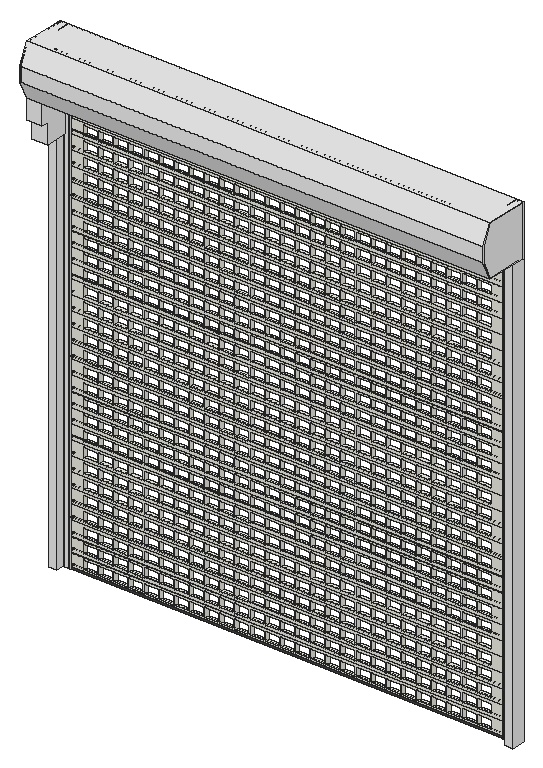
Revit family "2014-ES_Puerta-Enrollable-AEPA", category Puertas, Revit 2014
Parameters (values of type "Puerta Enrollable 3000 x 3000 mm")
  Uniclass 2.0 Descripción = "Roller shutter doorset systems"  # constant formula
  Uniclass 2.0 Código = "25-30-20-74"  # constant formula
  URL Producto = ""
  URL = "http://www.aepa.ws/web/index.php"
  UNSPSC Código = "30172108"  # constant formula
  UNSPSC Categoría = "Rolling garage door"  # constant formula
  Teléfono de Contacto = "91 429 31 02"
  Omniclass Título = "Aluminum Screen Doors"  # constant formula
  Omniclass Código = "23-17 11 13 13 11"  # constant formula
  Numero de Perforaciones por Lama = Media Lama / 105 mm  # 14
  Numero de Lamas = Height / 100 mm  # 30
  Modelo = "Genérico AEPA"  # constant formula
  Media Lama = Width / 2 + 19.1 mm  # 1519.1 mm
  Masterformat Descripción = "Aluminum Screen Doors and Frames"  # constant formula
  Masterformat Código = "08 11 66.23"  # constant formula
  Información Técnica = "http://bimetica.com/es/aepa.html"
  IFC Clasificación = ""
  Grosor del marco = 65.146 mm
  Goma = Gomas- Puerta Generica- AEPA
  Función = Interior
  Proyección marco ext. = 25 mm
  Proyección marco int. = 25 mm
  Fecha de Caducidad de Información = "01/01/2016"  # constant formula
  Fecha Revisión de Contenido = "22/12/2014"  # constant formula
  Fabricante - ROLLTORE PORTIS = "http://www.portis.es/"
  Fabricante - CONTROLSA = "http://www.controlsa.com/"
  Estructura = Aluminio- Puerta Generica- AEPA
  Email de Contacto = "info@aepa.ws"
  Desfase Interior = 0 mm
  Desfase Exterior = 0 mm
  Descripción = "Puerta Enrollable Genérica AEPA"  # constant formula
  Creado por = "Bimetica Parametric Design Services S.L."  # constant formula
  Colección = "Biblioteca BIM AEPA"  # constant formula
  COBie Categoría = ""
  Bimetica = "www.bimetica.com"
  Asociación- AEPA = "http://www.aepa.ws/web/index.php"
  Anchura de marco = 75 mm
  Anchura Real Hueco = if(Desfase Interior = 0 mm, Width + 210.4 mm, Width)  # 3210.4 mm
  Aluminio = Lamas aluminio- Puerta Generica- AEPA
  Altura Real Hueco = if(Desfase Interior = 0 mm, Altura Control + 347.1 mm, Height)  # 3347.1 mm
  Altura Control = Numero de Lamas * 100 mm  # 3000 mm
  Height = 3000 mm
  Cierre de muro = Por anfitrión
  Width = 3000 mm
Reference planes
  plane 1: y = 0
  plane 2 "Centro (Izquierda/Derecha)": x = 0
  plane 3 "Izquierda": x = -1500
  plane 4 "Derecha": x = 1500
  plane 5 "Alto": z = 3000
  plane 6 "Exterior": y = 75
  plane 7 "Interior": y = 75
Forms (mm)
  Extrusion 1, solid, material "Aluminio- Puerta Generica- AEPA" <- "Estructura"
    sketch origin (0, -0.469, 0) x (1, 0, 0) y (0, 1, 0)
      loop
        line (-1605.214, -21.899) -> (-1551.604, -21.899) -> (-1551.604, 75.469) -> (-1605.214, 75.469) -> (-1605.214, -21.899)
      loop
        line (-1555.604, -17.899) -> (-1555.604, 71.469) -> (-1601.214, 71.469) -> (-1601.214, -17.899) -> (-1555.604, -17.899)
    from 0 to 3000
  Extrusion 2, solid, material "Aluminio- Puerta Generica- AEPA" <- "Estructura"
    sketch origin (0, 0, 0) x (1, 0, 0) y (0, 1, 0)
      loop
        line (-1551.604, 27.975) -> (-1500, 27.975) -> (-1500, 34.726) -> (-1506.158, 34.726) -> (-1506.158, 32.311) -> (-1503.061, 32.311) -> (-1503.061, 31.107) -> (-1515.984, 31.107) -> (-1515.984, 32.311) -> (-1513.669, 32.311) -> (-1513.669, 34.726) -> (-1519.068, 34.726) -> (-1519.068, 31.107) -> (-1547.067, 31.107) -> (-1547.067, 71.658) -> (-1519.055, 71.658) -> (-1519.055, 67.971) -> (-1513.321, 67.971) -> (-1513.321, 70.359) -> (-1516.253, 70.359) -> (-1516.253, 72.412) -> (-1502.932, 72.412) -> (-1502.932, 70.359) -> (-1506.158, 70.359) -> (-1506.158, 67.971) -> (-1500, 67.971) -> (-1500, 75) -> (-1551.604, 75) -> (-1551.604, 27.975)
    from 0 to 3000
  Extrusion 3, solid, material "Aluminio- Puerta Generica- AEPA" <- "Estructura"
    sketch origin (0, 0, 0) x (1, 0, 0) y (0, 1, 0)
      loop
        line (1551.602, 27.977) -> (1551.602, 75) -> (1499.998, 75) -> (1499.998, 67.973) -> (1506.156, 67.973) -> (1506.156, 70.361) -> (1502.93, 70.361) -> (1502.93, 72.414) -> (1516.251, 72.414) -> (1516.251, 70.361) -> (1513.319, 70.361) -> (1513.319, 67.973) -> (1519.053, 67.973) -> (1519.053, 71.66) -> (1547.065, 71.66) -> (1547.065, 31.109) -> (1519.066, 31.109) -> (1519.066, 34.728) -> (1513.666, 34.728) -> (1513.666, 32.313) -> (1515.982, 32.313) -> (1515.982, 31.109) -> (1503.059, 31.109) -> (1503.059, 32.313) -> (1506.156, 32.313) -> (1506.156, 34.728) -> (1499.998, 34.728) -> (1499.998, 27.977) -> (1551.602, 27.977)
    from 0 to 3000
  Extrusion 4, solid, material "Aluminio- Puerta Generica- AEPA" <- "Estructura"
    sketch origin (0, 0, 0) x (1, 0, 0) y (0, 1, 0)
      loop
        line (1551.591, -22.368) -> (1605.201, -22.368) -> (1605.201, 75) -> (1551.591, 75) -> (1551.591, -22.368)
      loop
        line (1601.201, -18.368) -> (1601.201, 71) -> (1555.591, 71) -> (1555.591, -18.368) -> (1601.201, -18.368)
    from 0 to 3000
  Extrusion 5, solid, material "Aluminio- Puerta Generica- AEPA" <- "Estructura"
    sketch origin (0, 0, 2500) x (0, -1, 0) y (1, 0, 0)
      loop
        line (-27.632, -1601.214) -> (-27.632, -1597.214) -> (-67, -1597.214) -> (-67, -1555.604) -> (22.368, -1555.604) -> (22.368, -1551.604) -> (-71, -1551.604) -> (-71, -1601.214) -> (-27.632, -1601.214)
    from 500 to 847.068
  Extrusion 6, solid, material "Aluminio- Puerta Generica- AEPA" <- "Estructura"
    sketch origin (0, 0, 3000) x (0, -1, 0) y (1, 0, 0)
      loop
        line (-27.632, 1601.201) -> (-71, 1601.201) -> (-71, 1551.593) -> (22.368, 1551.593) -> (22.368, 1555.593) -> (-67, 1555.593) -> (-67, 1597.201) -> (-27.632, 1597.201) -> (-27.632, 1601.201)
    from 0 to 347.068
  Extrusion 7, solid, material "Aluminio- Puerta Generica- AEPA" <- "Estructura"
    sketch origin (1500, 0, 0) x (0, -1, 0) y (0, 0, 1)
      loop
        line (164.534, 3125.534) -> (176.746, 3140.087) -> (176.746, 3210.98) -> (164.534, 3225.534) -> (-55.466, 3225.534) -> (-55.466, 3125.534) -> (164.534, 3125.534)
      loop
        circle (104.534, 3175.534) r 15
    from -51.602 to -47.065
  Extrusion 8, solid, material "Aluminio- Puerta Generica- AEPA" <- "Estructura"
    sketch origin (-1500, 0, 0) x (0, -1, 0) y (0, 0, 1)
      loop
        line (164.534, 3125.534) -> (176.746, 3140.087) -> (176.746, 3210.98) -> (164.534, 3225.534) -> (-55.466, 3225.534) -> (-55.466, 3125.534) -> (164.534, 3125.534)
      loop
        circle (104.534, 3175.534) r 15
    from 47.067 to 51.604
  Extrusion 9, solid, material "Aluminio- Puerta Generica- AEPA" <- "Estructura"
    sketch origin (-1500, 0, 0) x (0, -1, 0) y (0, 0, 1)
      loop
        circle (104.534, 3175.534) r 13.753
    from -3075.153 to 75.424
  Extrusion 10, solid, material "Aluminio- Puerta Generica- AEPA" <- "Estructura"
    sketch origin (-1500, 0, 0) x (0, -1, 0) y (0, 0, 1)
      loop
        circle (104.534, 3175.534) r 60
    from -3044.336 to 43.806
  Extrusion 11, solid, material "Aluminio- Puerta Generica- AEPA" <- "Estructura", detail levels medium+fine
    sketch origin (-1500, 0, 0) x (0, -1, 0) y (0, 0, 1)
      loop
        circle (104.534, 3175.534) r 13.753
      loop
        circle (104.534, 3175.534) r 47.581
    from 55.604 to 61.63
  Extrusion 12, solid, material "Aluminio- Puerta Generica- AEPA" <- "Estructura", detail levels medium+fine
    sketch origin (1500, 0, 0) x (0, -1, 0) y (0, 0, 1)
      loop
        circle (104.57, 3175.49) r 13.753
      loop
        circle (104.271, 3175.51) r 47.581
    from -61.438 to -55.593
  Extrusion 13, solid, material "Aluminio- Puerta Generica- AEPA" <- "Estructura"
    sketch origin (-1500, 0, 0) x (0, -1, 0) y (0, 0, 1)
      loop
        line (-71, 3347.068) -> (-71, 3000) -> (-27.632, 3000) -> (-27.632, 3004) -> (217.406, 3004) -> (272.1, 3126.387) -> (272.1, 3223.998) -> (217.306, 3347.068) -> (-71, 3347.068)
    from 101.214 to 105.214
  Extrusion 14, solid, material "Aluminio- Puerta Generica- AEPA" <- "Estructura"
    sketch origin (1500, 0, 0) x (0, -1, 0) y (0, 0, 1)
      loop
        line (-71, 3000) -> (-27.357, 3000) -> (-27.357, 3004) -> (217.406, 3004) -> (272.1, 3126.387) -> (272.1, 3224.327) -> (217.248, 3347.068) -> (-71, 3347.068) -> (-71, 3000)
    from -105.201 to -101.201
  Extrusion 15, solid, material "Aluminio- Puerta Generica- AEPA" <- "Estructura"
    sketch origin (-1500, 0, 0) x (0, -1, 0) y (0, 0, 1)
      loop
        line (147.495, 3218.906) -> (86.973, 3281.579)
        arc (86.973, 3281.579) -> (80.17, 3276.034) -> (88.512, 3273.308) r 5
        line (88.512, 3273.308) -> (87.805, 3274.016)
        arc (87.805, 3274.016) -> (81.169, 3276.134) -> (86.409, 3280.724) r 4
        line (86.409, 3280.724) -> (146.788, 3218.199) -> (147.495, 3218.906)
    from -3019.053 to 19.1
  Extrusion 16, solid, material "Aluminio- Puerta Generica- AEPA" <- "Estructura"
    sketch origin (1500, 0, 0) x (0, -1, 0) y (0, 0, 1)
      loop
        line (-71, 3347.068) -> (217.248, 3347.068) -> (272.1, 3224.327) -> (272.1, 3126.387) -> (217.406, 3004) -> (-27.357, 3004) -> (-27.357, 3000) -> (220, 3000) -> (276.1, 3125.534) -> (276.1, 3225.18) -> (219.842, 3351.068) -> (-75, 3351.068) -> (-75, 3000) -> (-71, 3000) -> (-71, 3347.068)
    from -105.201 to 3105.214
  Extrusion 17, solid, material "Gomas- Puerta Generica- AEPA" <- "Goma", detail levels medium+fine
    sketch origin (1500, 0, 0) x (0, -1, 0) y (0, 0, 1)
      loop
        line (-36.562, 0) -> (-34.728, 0) -> (-34.728, 8.455) -> (-36.562, 8.455) -> (-36.562, 0)
    from -19.1 to 3019.068
  Extrusion 18, solid, material "Gomas- Puerta Generica- AEPA" <- "Goma", detail levels medium+fine
    sketch origin (-1500, 0, 0) x (0, -1, 0) y (0, 0, 1)
      loop
        line (-67.971, 0) -> (-66.562, 0) -> (-66.562, 8.455) -> (-67.971, 8.455) -> (-67.971, 0)
    from -3019.053 to 19.055
  Extrusion 19, solid, material "Aluminio- Puerta Generica- AEPA" <- "Estructura"
    sketch origin (-1500, 0, 0) x (0, -1, 0) y (0, 0, 1)
      loop
        line (22.368, 3000) -> (22.368, 2725) -> (170, 2725) -> (170, 2860) -> (220, 2860) -> (220, 3000) -> (22.368, 3000)
    from 0 to 105.214
  Extrusion 20, solid, material "Lamas aluminio- Puerta Generica- AEPA" <- "Aluminio", detail levels coarse
    sketch origin (-1500, 0, 0) x (0, -1, 0) y (0, 0, 1)
      loop
        line (-67.971, 0) -> (-37.617, 0) -> (-37.617, 3000) -> (-11.254, 3094.696) -> (28.964, 3184.841) -> (98.269, 3254.146) -> (88.009, 3265.403) -> (88.009, 3270.371) -> (89.982, 3275.003) -> (146.878, 3218.106) -> (148.081, 3219.309) -> (84.441, 3282.948) -> (4.202, 3202.709) -> (-40.295, 3102.972) -> (-67.971, 3000) -> (-67.971, 0)
    from -3019.053 to 19.068
Lines and regions (mm)
  Opening 1
    outline origin (-3050, -75, 0) x (1, 0, 0) y (0, 0, 1)
      loop
        line (1444.8, 0) -> (4655.2, 0) -> (4655.2, 3347.1) -> (1444.8, 3347.1) -> (1444.8, 0)
  symbolic lines, style "DoorsHiddenLines"
    curve 1: line (-1605.214, 75, 3000) -> (-1605.214, -276.1, 3000)
    curve 2: line (-1605.214, -276.1, 3000) -> (1605.201, -276.1, 3000)
    curve 3: line (1605.201, -22.368, 3000) -> (1605.201, -276.1, 3000)
  symbolic lines
    curve 4: line (-1519.055, 66.563, 3000) -> (1519.1, 66.563, 3000)
    curve 5: line (-1519.055, 36.562, 3000) -> (-1519.055, 66.563, 3000)
    curve 6: line (1519.1, 36.562, 3000) -> (-1519.055, 36.562, 3000)
    curve 7: line (1519.1, 66.563, 3000) -> (1519.1, 36.562, 3000)
Text (mm)
  text "Exterior" at (-2295.016, 1099.543, 0), in view "Nivel de referencia"
  text "Exterior" at (0, 1615.38, 3698.081), in view "Izquierda"
  text "Exterior" at (0, 1036.032, 3874.932), in view "Derecha"
Dimensions and locks
  equal spacing: plane 3 "Izquierda", plane 2 "Centro (Izquierda/Derecha)", plane 4 "Derecha"
  "Width": plane 3 "Izquierda" to plane 4 "Derecha"
  "Altura Control": plane 5 "Alto" to host wall
  host wall to plane 5 "Alto" = 3000 mm  (x2)
  host wall to plane 6 "Exterior" = 0 mm
  host wall to plane 7 "Interior" = 150 mm
  "Desfase Exterior": plane 6 "Exterior" to host wall
  Extrusion 1 sketch curve to Extrusion 1 sketch curve to Extrusion 1 sketch curve to plane 7 "Interior" = 4 mm locked, 89.368 mm locked, 4 mm locked
  Extrusion 1 sketch curve to Extrusion 1 sketch curve to Extrusion 1 sketch curve to Extrusion 1 sketch curve to plane 3 "Izquierda" = 4 mm locked, 45.61 mm locked, 4 mm locked, 51.604 mm locked
  Extrusion 2 sketch curve to Extrusion 2 sketch curve to plane 3 "Izquierda" = 4.537 mm locked, 47.067 mm locked
  Extrusion 2 sketch curve to Extrusion 2 sketch curve to Extrusion 2 sketch curve to Extrusion 2 sketch curve to Extrusion 2 sketch curve to plane 3 "Izquierda" = 2.802 mm locked, 2.932 mm locked, 7.163 mm locked, 3.226 mm locked, 2.932 mm locked
  Extrusion 2 sketch curve to Extrusion 2 sketch curve to Extrusion 2 sketch curve to Extrusion 2 sketch curve to Extrusion 2 sketch curve to plane 3 "Izquierda" = 3.084 mm locked, 2.315 mm locked, 7.511 mm locked, 3.097 mm locked, 3.061 mm locked
  "Desfase Interior": plane 7 "Interior" to plane 6 "Exterior"
  plane 4 "Derecha" to Extrusion 3 sketch curve to Extrusion 3 sketch curve to Extrusion 3 sketch curve to Extrusion 3 sketch curve to Extrusion 3 sketch curve to Extrusion 3 sketch curve to Extrusion 3 sketch curve = 3.059 mm locked, 3.097 mm locked, 7.511 mm locked, 2.315 mm locked, 3.084 mm locked, 27.999 mm locked, 4.537 mm locked
  plane 4 "Derecha" to Extrusion 3 sketch curve to Extrusion 3 sketch curve to Extrusion 3 sketch curve to Extrusion 3 sketch curve to Extrusion 3 sketch curve = 2.93 mm locked, 3.226 mm locked, 7.163 mm locked, 2.932 mm locked, 2.802 mm locked
  Extrusion 4 sketch curve to Extrusion 4 sketch curve to Extrusion 4 sketch curve to plane 7 "Interior" = 4 mm locked, 89.368 mm locked, 4 mm locked
  plane 4 "Derecha" to Extrusion 4 sketch curve to Extrusion 4 sketch curve to Extrusion 4 sketch curve to Extrusion 4 sketch curve = 51.591 mm locked, 4 mm locked, 45.61 mm locked, 4 mm locked
  Extrusion 1 to Extrusion 1 to plane 7 "Interior" = 93.368 mm locked, 4 mm locked
  plane 5 "Alto" to Extrusion 5 = 347.068 mm
  plane 5 "Alto" to Extrusion 6 = 347.068 mm
  Extrusion 7 sketch curve to Extrusion 7 sketch curve to Extrusion 7 sketch curve to Extrusion 7 sketch curve to plane 7 "Interior" = 12.212 mm, 0 mm locked, 220 mm locked, 19.534 mm locked
  locked: Extrusion 7 sketch curve to plane 7 "Interior" at 179.534
  plane 5 "Alto" to Extrusion 7 sketch curve to Extrusion 7 sketch curve to Extrusion 7 sketch curve to Extrusion 7 sketch curve to Extrusion 7 sketch curve = 125.534 mm locked, 14.554 mm locked, 35.446 mm locked, 35.446 mm locked, 14.554 mm locked
  plane 4 "Derecha" to Extrusion 7 to Extrusion 7 = 47.065 mm locked, 4.537 mm locked
  plane 7 "Interior" to Extrusion 8 sketch curve to Extrusion 8 sketch curve to Extrusion 8 sketch curve = 19.534 mm locked, 160 mm locked, 72.212 mm locked
  plane 5 "Alto" to Extrusion 8 sketch curve to Extrusion 8 sketch curve to Extrusion 8 sketch curve = 125.534 mm locked, 50 mm locked, 50 mm locked
  plane 5 "Alto" to Extrusion 8 sketch curve to Extrusion 8 sketch curve = 140.087 mm locked, 70.893 mm locked
  Extrusion 8 to Extrusion 8 to plane 3 "Izquierda" = 4.537 mm locked, 47.067 mm locked
  locked: plane 5 "Alto" to Extrusion 9 sketch curve at 175.534
  locked: plane 7 "Interior" to Extrusion 9 sketch curve at 179.534
  locked: Extrusion 9 to plane 3 "Izquierda" at 75.424
  locked: plane 4 "Derecha" to Extrusion 9 at 75.153
  locked: plane 5 "Alto" to Extrusion 10 sketch curve at 175.534
  locked: plane 7 "Interior" to Extrusion 10 sketch curve at 179.534
  locked: plane 4 "Derecha" to Extrusion 10 at 44.336
  locked: Extrusion 10 to plane 3 "Izquierda" at 43.806
  Extrusion 11 to Extrusion 11 to plane 3 "Izquierda" = 6.026 mm locked, 55.604 mm locked
  locked: plane 5 "Alto" to Extrusion 11 sketch curve at 175.534
  locked: plane 7 "Interior" to Extrusion 11 sketch curve at 179.534
  locked: plane 5 "Alto" to Extrusion 12 sketch curve at 175.49
  locked: Extrusion 12 sketch curve to plane 7 "Interior" at 179.57
  plane 4 "Derecha" to Extrusion 12 to Extrusion 12 = 55.593 mm locked, 5.846 mm locked
  Extrusion 5 sketch curve to Extrusion 5 sketch curve to Extrusion 5 sketch curve to Extrusion 5 sketch curve to plane 3 "Izquierda" = 4 mm locked, 41.61 mm locked, 4 mm locked, 51.604 mm locked
  Extrusion 13 to Extrusion 13 to plane 3 "Izquierda" = 4 mm locked, 101.214 mm locked
  Extrusion 14 sketch curve to Extrusion 14 sketch curve to Extrusion 14 sketch curve to Extrusion 14 sketch curve to plane 7 "Interior" = 0 mm locked, 54.694 mm locked, 0.158 mm locked, 292.248 mm locked
  plane 5 "Alto" to Extrusion 14 sketch curve to Extrusion 14 sketch curve to Extrusion 14 sketch curve = 126.387 mm locked, 97.94 mm locked, 122.74 mm locked
  plane 4 "Derecha" to Extrusion 6 sketch curve to Extrusion 6 sketch curve to Extrusion 6 sketch curve to Extrusion 6 sketch curve = 51.593 mm locked, 4 mm locked, 41.608 mm locked, 4 mm locked
  plane 4 "Derecha" to Extrusion 14 to Extrusion 14 = 101.201 mm locked, 4 mm locked
  plane 5 "Alto" to Extrusion 13 sketch curve to Extrusion 13 sketch curve = 4 mm locked, 343.068 mm locked
  plane 5 "Alto" to Extrusion 13 sketch curve to Extrusion 13 sketch curve = 126.387 mm locked, 97.611 mm locked
  plane 7 "Interior" to Extrusion 6 to Extrusion 13 sketch curve to Extrusion 13 sketch curve to Extrusion 13 sketch curve = 8 mm locked, 284.306 mm locked, 54.794 mm locked, 0 mm locked
  locked: Extrusion 5 to plane 5 "Alto" at 347.068
  locked: plane 5 "Alto" to Extrusion 14 sketch curve at 4  (x2)
  Extrusion 14 sketch curve to plane 7 "Interior" = 4 mm
  locked: plane 5 "Alto" to Extrusion 6 at 347.068
  locked: plane 7 "Interior" to Extrusion 14 sketch curve at 47.643
  locked: plane 5 "Alto" to Extrusion 13 sketch curve at 4
  "Altura Real Hueco": level to Opening 1 sketch curve
  equal spacing: Opening 1 sketch curve, plane 2 "Centro (Izquierda/Derecha)", Opening 1 sketch curve
  "Anchura Real Hueco": Opening 1 sketch curve to Opening 1 sketch curve
  locked: nested 1 to plane 7 "Interior" at 8.437
  equal spacing: group 1, group 2, group 3, group 4, group 5, group 6, group 7, group 8, group 9, group 10, group 11, group 12, group 13, group 14, group 15, group 16, group 17, group 18, group 19, group 20, group 24, group 25, group 26, group 27, group 28, group 29, group 30, group 31, group 32, group 33  (x3)
  locked: plane 7 "Interior" to nested 2 at 8.437
  plane 7 "Interior" to Extrusion 15 sketch curve to Extrusion 15 sketch curve to Extrusion 15 sketch curve to Extrusion 15 sketch curve to Extrusion 15 sketch curve to Extrusion 15 sketch curve to Extrusion 15 sketch curve = 160.085 mm locked, 1.324 mm locked, 0.564 mm locked, 0.832 mm locked, 0.708 mm locked, 58.276 mm locked, 0.707 mm locked
  locked: Extrusion 15 to plane 3 "Izquierda" at 19.1
  locked: plane 4 "Derecha" to Extrusion 15 at 19.053
  locked: nested 21 to plane 7 "Interior" at 38.077
  Extrusion 2 sketch curve to Extrusion 2 sketch curve to Extrusion 2 sketch curve to Extrusion 2 sketch curve to Extrusion 2 sketch curve to Extrusion 2 sketch curve to Extrusion 2 sketch curve to Extrusion 2 sketch curve to Extrusion 2 sketch curve to Extrusion 2 sketch curve to Extrusion 2 sketch curve to Extrusion 2 sketch curve to Extrusion 2 sketch curve to plane 7 "Interior" = 3.131 mm locked, 0 mm locked, 1.204 mm locked, 0 mm locked, 2.415 mm locked, 0 mm locked, 33.246 mm locked, 0 mm locked, 2.388 mm locked, 0 mm locked, 1.299 mm locked, 0.754 mm locked, 2.588 mm locked
  Extrusion 3 sketch curve to Extrusion 3 sketch curve to Extrusion 3 sketch curve to Extrusion 3 sketch curve to Extrusion 3 sketch curve to Extrusion 3 sketch curve to Extrusion 3 sketch curve to Extrusion 3 sketch curve to Extrusion 3 sketch curve to Extrusion 3 sketch curve to Extrusion 3 sketch curve to Extrusion 3 sketch curve to Extrusion 3 sketch curve to plane 7 "Interior" = 3.131 mm locked, 0 mm locked, 1.204 mm locked, 0 mm locked, 2.415 mm locked, 0 mm locked, 33.246 mm locked, 0 mm locked, 2.388 mm locked, 0 mm locked, 1.299 mm locked, 0.754 mm locked, 2.586 mm locked
  Extrusion 5 sketch curve to Extrusion 5 sketch curve to Extrusion 5 sketch curve to Extrusion 5 sketch curve to plane 7 "Interior" = 50 mm locked, 39.368 mm locked, 4 mm locked, 4 mm locked
  locked: plane 7 "Interior" to Extrusion 13 sketch curve at 4
  Extrusion 6 sketch curve to Extrusion 6 sketch curve to Extrusion 6 sketch curve to Extrusion 6 sketch curve to plane 7 "Interior" = 50 mm locked, 39.368 mm locked, 4 mm locked, 4 mm locked
  plane 7 "Interior" to nested 22 to nested 22 to nested 22 to nested 22 to nested 23 to nested 22 to nested 23 = 39.297 mm locked, 7.363 mm locked, 7.951 mm locked, 25.067 mm locked, 12.472 mm locked, 11.93 mm locked, 52.972 mm locked
  locked: plane 7 "Interior" to Extrusion 13 sketch curve at 47.368
  plane 5 "Alto" to nested 22 to nested 22 to nested 22 to nested 22 to nested 23 to nested 23 = 94.429 mm locked, 16.381 mm locked, 74.028 mm locked, 12.223 mm locked, 12.099 mm locked, 66.49 mm locked
  plane 5 "Alto" to nested 21 to nested 21 = 11.446 mm locked, 91.037 mm locked
  Extrusion 16 sketch curve to Extrusion 16 sketch curve to Extrusion 16 sketch curve to Extrusion 16 sketch curve to Extrusion 16 sketch curve to Extrusion 16 sketch curve to Extrusion 16 sketch curve to Extrusion 16 sketch curve to Extrusion 16 sketch curve to Extrusion 16 sketch curve to plane 7 "Interior" = 0 mm locked, 4 mm locked, 0 mm locked, 52.1 mm locked, 0.158 mm locked, 2.436 mm locked, 0.158 mm locked, 244.605 mm locked, 0 mm locked, 47.643 mm locked
  locked: Extrusion 16 sketch curve to plane 7 "Interior" at 4
  locked: Extrusion 16 to plane 3 "Izquierda" at 105.214
  locked: plane 4 "Derecha" to Extrusion 16 at 105.201
  Extrusion 17 sketch curve to Extrusion 17 sketch curve to plane 7 "Interior" = 1.835 mm locked, 38.438 mm locked
  locked: Extrusion 17 sketch curve to level at 8.455
  locked: plane 4 "Derecha" to Extrusion 17 at 19.1
  locked: Extrusion 17 to plane 3 "Izquierda" at 19.068
  locked: Extrusion 18 sketch curve to level at 8.455
  plane 7 "Interior" to Extrusion 18 sketch curve to Extrusion 18 sketch curve = 7.029 mm locked, 1.409 mm locked
  locked: Extrusion 18 to plane 3 "Izquierda" at 19.055
  locked: plane 4 "Derecha" to Extrusion 18 at 19.053
  plane 7 "Interior" to Extrusion 19 sketch curve to Extrusion 19 sketch curve to Extrusion 19 sketch curve = 97.368 mm locked, 147.632 mm locked, 50 mm locked
  Extrusion 19 sketch curve to Extrusion 19 sketch curve to plane 5 "Alto" = 135 mm locked, 140 mm locked
  Extrusion 19 to plane 3 "Izquierda" = 105.214 mm
  plane 5 "Alto" to Extrusion 20 sketch curve to Extrusion 20 sketch curve to Extrusion 20 sketch curve to Extrusion 20 sketch curve to Extrusion 20 sketch curve to Extrusion 20 sketch curve to Extrusion 20 sketch curve to Extrusion 20 sketch curve to Extrusion 20 sketch curve to Extrusion 20 sketch curve to Extrusion 20 sketch curve = 94.696 mm locked, 8.276 mm locked, 81.869 mm locked, 17.868 mm locked, 15.397 mm locked, 1.203 mm locked, 34.837 mm locked, 11.257 mm locked, 4.968 mm locked, 4.632 mm locked, 7.946 mm locked
  plane 7 "Interior" to Extrusion 20 sketch curve to Extrusion 20 sketch curve to Extrusion 20 sketch curve to Extrusion 20 sketch curve to Extrusion 20 sketch curve to Extrusion 20 sketch curve to Extrusion 20 sketch curve to Extrusion 20 sketch curve to Extrusion 20 sketch curve to Extrusion 20 sketch curve to Extrusion 20 sketch curve to Extrusion 20 sketch curve to Extrusion 20 sketch curve = 7.029 mm locked, 27.676 mm locked, 2.678 mm locked, 26.363 mm locked, 15.456 mm locked, 24.762 mm locked, 55.477 mm locked, 3.568 mm locked, 0 mm locked, 1.972 mm locked, 8.287 mm locked, 48.609 mm locked, 1.203 mm locked
  locked: Extrusion 20 to plane 3 "Izquierda" at 19.068
  locked: plane 4 "Derecha" to Extrusion 20 at 19.053
  locked: curve 2 to plane 7 "Interior" at 351.1
  locked: plane 4 "Derecha" to curve 3 at 105.201
  locked: curve 1 to plane 3 "Izquierda" at 105.214
  locked: curve 5 to plane 3 "Izquierda" at 19.055
  locked: plane 4 "Derecha" to curve 7 at 19.1
  aligned and locked: Opening 1 sketch curve to level
  aligned and locked: plane 1 to host wall
  aligned and locked: Extrusion 1 to plane 5 "Alto"
  aligned and locked: Extrusion 2 to plane 5 "Alto"
  aligned and locked: Extrusion 4 to plane 5 "Alto"
  aligned and locked: Extrusion 3 to plane 5 "Alto"
  aligned and locked: plane 5 "Alto" to Extrusion 14 sketch curve
  aligned and locked: plane 5 "Alto" to Extrusion 13 sketch curve
  aligned and locked: plane 2 "Centro (Izquierda/Derecha)" to nested 1
  aligned and locked: Extrusion 1 sketch curve to plane 7 "Interior"
  aligned and locked: Extrusion 4 sketch curve to plane 7 "Interior"
  aligned and locked: Extrusion 3 to plane 7 "Interior"
  aligned and locked: Extrusion 2 to plane 7 "Interior"
  aligned and locked: plane 5 "Alto" to Extrusion 5
  aligned and locked: Extrusion 16 sketch curve to plane 5 "Alto"  (x2)
  aligned and locked: level to Extrusion 17 sketch curve
  aligned and locked: plane 5 "Alto" to Extrusion 19 sketch curve
  aligned and locked: Extrusion 19 to plane 3 "Izquierda"
  aligned and locked: plane 5 "Alto" to Extrusion 20 sketch curve  (x2)
  aligned and locked: level to Extrusion 20 sketch curve
Automatic sketch dimensions
  Extrusion 2 sketch curve to plane 3 "Izquierda" = 0 mm  (x2)
  Extrusion 2 sketch curve to host wall = 0 mm
  Extrusion 2 sketch curve to Extrusion 2 sketch curve = 0 mm
  plane 4 "Derecha" to Extrusion 3 sketch curve = 0.002 mm  (x2)
  Extrusion 3 sketch curve to host wall = 0 mm
  Extrusion 8 sketch curve to Extrusion 8 sketch curve = 12.212 mm  (x2)
  Extrusion 11 sketch curve to Extrusion 11 sketch curve = 0 mm  (x2)
  Extrusion 12 sketch curve to Extrusion 12 sketch curve = 0.3 mm
  Extrusion 12 sketch curve to Extrusion 12 sketch curve = 0.02 mm
  Extrusion 15 sketch curve to plane 5 "Alto" = 218.199 mm
  Extrusion 15 sketch curve to Extrusion 15 sketch curve = 0.707 mm
  Extrusion 15 sketch curve to Extrusion 15 sketch curve = 61.817 mm
  Extrusion 15 sketch curve to Extrusion 15 sketch curve = 0.855 mm
  Extrusion 15 sketch curve to Extrusion 15 sketch curve = 3.775 mm
  Extrusion 15 sketch curve to Extrusion 15 sketch curve = 0 mm  (x2)
  Extrusion 13 sketch curve to Extrusion 13 sketch curve = 54.694 mm
  Extrusion 16 sketch curve to plane 7 "Interior" = 0 mm
  Extrusion 16 sketch curve to plane 5 "Alto" = 4 mm
  Extrusion 16 sketch curve to plane 5 "Alto" = 125.534 mm
  Extrusion 16 sketch curve to Extrusion 16 sketch curve = 0.853 mm  (x2)
  Extrusion 16 sketch curve to Extrusion 16 sketch curve = 97.94 mm
  Extrusion 16 sketch curve to Extrusion 16 sketch curve = 122.74 mm
  Extrusion 16 sketch curve to Extrusion 16 sketch curve = 4 mm
  Extrusion 18 sketch curve to level = 0 mm
  plane 7 "Interior" to curve 1 = 0 mm
  plane 7 "Interior" to curve 7 = 8.437 mm
  curve 4 to curve 6 = 30 mm
  plane 7 "Interior" to curve 3 = 97.368 mm
  radius of Extrusion 9 sketch curve = 13.753 mm
  radius of Extrusion 10 sketch curve = 60 mm
  radius of Extrusion 7 sketch curve = 15 mm
  radius of Extrusion 8 sketch curve = 15 mm
  radius of Extrusion 11 sketch curve = 13.753 mm
  radius of Extrusion 11 sketch curve = 47.581 mm
  radius of Extrusion 12 sketch curve = 13.753 mm
  radius of Extrusion 12 sketch curve = 47.581 mm
Nested families
  nested 1: "Lama puerta" at (0, 66.563, 53.125) x (0, 1, 0) z (-1, 0, 0), type "Lama puerta", detail levels medium+fine
    with Long 3038.2 mm, Half Long 1519.1 mm
  nested 2: "Lama puerta" at (0, 66.563, 153.129) x (0, 1, 0) z (-1, 0, 0), type "Lama puerta", detail levels medium+fine
    with Long 3038.2 mm, Half Long 1519.1 mm
  nested 3: "Lama puerta" at (0, 66.563, 253.133) x (0, 1, 0) z (-1, 0, 0), type "Lama puerta", detail levels medium+fine
    with Long 3038.2 mm, Half Long 1519.1 mm
  nested 4: "Lama puerta" at (0, 66.563, 353.138) x (0, 1, 0) z (-1, 0, 0), type "Lama puerta", detail levels medium+fine
    with Long 3038.2 mm, Half Long 1519.1 mm
  nested 5: "Lama puerta" at (0, 66.563, 453.142) x (0, 1, 0) z (-1, 0, 0), type "Lama puerta", detail levels medium+fine
    with Long 3038.2 mm, Half Long 1519.1 mm
  nested 6: "Lama puerta" at (0, 66.563, 553.146) x (0, 1, 0) z (-1, 0, 0), type "Lama puerta", detail levels medium+fine
    with Long 3038.2 mm, Half Long 1519.1 mm
  nested 7: "Lama puerta" at (0, 66.563, 653.15) x (0, 1, 0) z (-1, 0, 0), type "Lama puerta", detail levels medium+fine
    with Long 3038.2 mm, Half Long 1519.1 mm
  nested 8: "Lama puerta" at (0, 66.563, 753.155) x (0, 1, 0) z (-1, 0, 0), type "Lama puerta", detail levels medium+fine
    with Long 3038.2 mm, Half Long 1519.1 mm
  nested 9: "Lama puerta" at (0, 66.563, 853.159) x (0, 1, 0) z (-1, 0, 0), type "Lama puerta", detail levels medium+fine
    with Long 3038.2 mm, Half Long 1519.1 mm
  nested 10: "Lama puerta" at (0, 66.563, 953.163) x (0, 1, 0) z (-1, 0, 0), type "Lama puerta", detail levels medium+fine
    with Long 3038.2 mm, Half Long 1519.1 mm
  nested 11: "Lama puerta" at (0, 66.563, 1053.167) x (0, 1, 0) z (-1, 0, 0), type "Lama puerta", detail levels medium+fine
    with Long 3038.2 mm, Half Long 1519.1 mm
  nested 12: "Lama puerta" at (0, 66.563, 1153.171) x (0, 1, 0) z (-1, 0, 0), type "Lama puerta", detail levels medium+fine
    with Long 3038.2 mm, Half Long 1519.1 mm
  nested 13: "Lama puerta" at (0, 66.563, 1253.176) x (0, 1, 0) z (-1, 0, 0), type "Lama puerta", detail levels medium+fine
    with Long 3038.2 mm, Half Long 1519.1 mm
  nested 14: "Lama puerta" at (0, 66.563, 1353.18) x (0, 1, 0) z (-1, 0, 0), type "Lama puerta", detail levels medium+fine
    with Long 3038.2 mm, Half Long 1519.1 mm
  nested 15: "Lama puerta" at (0, 66.563, 1453.184) x (0, 1, 0) z (-1, 0, 0), type "Lama puerta", detail levels medium+fine
    with Long 3038.2 mm, Half Long 1519.1 mm
  nested 16: "Lama puerta" at (0, 66.563, 1553.188) x (0, 1, 0) z (-1, 0, 0), type "Lama puerta", detail levels medium+fine
    with Long 3038.2 mm, Half Long 1519.1 mm
  nested 17: "Lama puerta" at (0, 66.563, 1653.193) x (0, 1, 0) z (-1, 0, 0), type "Lama puerta", detail levels medium+fine
    with Long 3038.2 mm, Half Long 1519.1 mm
  nested 18: "Lama puerta" at (0, 66.563, 1753.197) x (0, 1, 0) z (-1, 0, 0), type "Lama puerta", detail levels medium+fine
    with Long 3038.2 mm, Half Long 1519.1 mm
  nested 19: "Lama puerta" at (0, 66.563, 1853.201) x (0, 1, 0) z (-1, 0, 0), type "Lama puerta", detail levels medium+fine
    with Long 3038.2 mm, Half Long 1519.1 mm
  nested 20: "Lama puerta" at (0, 66.563, 1953.205) x (0, 1, 0) z (-1, 0, 0), type "Lama puerta", detail levels medium+fine
    with Long 3038.2 mm, Half Long 1519.1 mm
  nested 21: "Lama puerta" at (0, 52.295, 3057.578) x (0, 0.9657, 0.2596) z (-1, 0, 0), type "Lama puerta", detail levels medium+fine
    with Long 3038.2 mm, Half Long 1519.1 mm
  nested 22: "Lama puerta" at (0, 17.263, 3154.597) x (0, 0.9132, 0.4074) z (-1, 0, 0), type "Lama puerta", detail levels medium+fine
    with Long 3038.2 mm, Half Long 1519.1 mm
  nested 23: "Lama puerta" at (0, -44.257, 3242.759) x (0, 0.7073, 0.7069) z (-1, 0, 0), type "Lama puerta", detail levels medium+fine
    with Long 3038.2 mm, Half Long 1519.1 mm
  nested 24: "Lama puerta" at (0, 66.563, 2053.209) x (0, 1, 0) z (-1, 0, 0), type "Lama puerta", detail levels medium+fine
    with Long 3038.2 mm, Half Long 1519.1 mm
  nested 25: "Lama puerta" at (0, 66.563, 2153.214) x (0, 1, 0) z (-1, 0, 0), type "Lama puerta", detail levels medium+fine
    with Long 3038.2 mm, Half Long 1519.1 mm
  nested 26: "Lama puerta" at (0, 66.563, 2253.218) x (0, 1, 0) z (-1, 0, 0), type "Lama puerta", detail levels medium+fine
    with Long 3038.2 mm, Half Long 1519.1 mm
  nested 27: "Lama puerta" at (0, 66.563, 2353.222) x (0, 1, 0) z (-1, 0, 0), type "Lama puerta", detail levels medium+fine
    with Long 3038.2 mm, Half Long 1519.1 mm
  nested 28: "Lama puerta" at (0, 66.563, 2453.226) x (0, 1, 0) z (-1, 0, 0), type "Lama puerta", detail levels medium+fine
    with Long 3038.2 mm, Half Long 1519.1 mm
  nested 29: "Lama puerta" at (0, 66.563, 2553.231) x (0, 1, 0) z (-1, 0, 0), type "Lama puerta", detail levels medium+fine
    with Long 3038.2 mm, Half Long 1519.1 mm
  nested 30: "Lama puerta" at (0, 66.563, 2653.235) x (0, 1, 0) z (-1, 0, 0), type "Lama puerta", detail levels medium+fine
    with Long 3038.2 mm, Half Long 1519.1 mm
  nested 31: "Lama puerta" at (0, 66.563, 2753.239) x (0, 1, 0) z (-1, 0, 0), type "Lama puerta", detail levels medium+fine
    with Long 3038.2 mm, Half Long 1519.1 mm
  nested 32: "Lama puerta" at (0, 66.563, 2853.243) x (0, 1, 0) z (-1, 0, 0), type "Lama puerta", detail levels medium+fine
    with Long 3038.2 mm, Half Long 1519.1 mm
  nested 33: "Lama puerta" at (0, 66.563, 2953.248) x (0, 1, 0) z (-1, 0, 0), type "Lama puerta", detail levels medium+fine
    with Long 3038.2 mm, Half Long 1519.1 mm
Definition of nested family "Lama puerta"
  Parameters (values of type "Lama puerta")
    Ángulo = 0.50°
    Numero de perforaciones = Half Long / 105 mm  # 14
    Material = none
    Long = 3040 mm
    Lama = yes
    Half Long = Long / 2  # 1520 mm
    Default Elevation = 1219.2 mm
    Alt. Real Lama = 246.154 mm
  Reference planes
    plane 1 "Center (Front/Back)": y = 0
    plane 2: z = 0
    plane 3 "Center (Left/Right)": x = 0
  Forms (mm)
    Extrusion 1, solid, material <- "Material", visible <- "Lama"
      sketch origin (0, 0, 0) x (1, 0, 0) y (0, 1, 0)
        loop
          line (-30, -52.5) -> (-19.999, -52.5)
          arc (-19.999, -52.5) -> (-12.634, -41.89) -> (-1, -47.5) r 9.946
          arc (-1, -47.5) -> (-5.074, -51.5) -> (-8.997, -47.353) r 4
          line (-8.997, -47.353) -> (-9.998, -47.353)
          arc (-9.998, -47.353) -> (-5.074, -52.5) -> (0, -47.5) r 5
          line (0, -47.5) -> (0, 46.499) -> (-2.523, 46.499)
          arc (-2.523, 46.499) -> (-7.368, 47.405) -> (-10.112, 51.499) r 6.363
          arc (-10.112, 51.499) -> (-6.039, 55.498) -> (-2.115, 51.352) r 4
          line (-2.115, 51.352) -> (-1.115, 51.352)
          arc (-1.115, 51.352) -> (-6.039, 56.499) -> (-11.112, 51.499) r 5
          arc (-11.112, 51.499) -> (-13.497, 47.761) -> (-17.748, 46.499) r 6.34
          line (-17.748, 46.499) -> (-30, 46.499) -> (-30, -52.5)
      from -1520 to 1520
    Extrusion 2, void
      sketch origin (0, 0, 0) x (0, 1, 0) y (0, 0, 1)
        loop
          line (32.869, 48.463) -> (-32.869, 48.463) -> (-32.869, -48.463) -> (32.869, -48.463) -> (32.869, 48.463)
      from -62.868 to 37.433
    Extrusion 3, void
      sketch origin (0, 0, 105) x (0, 1, 0) y (0, 0, 1)
        loop
          line (32.869, 48.463) -> (-32.869, 48.463) -> (-32.869, -48.463) -> (32.869, -48.463) -> (32.869, 48.463)
      from -62.868 to 37.433
    Extrusion 4, void
      sketch origin (0, 0, 210) x (0, 1, 0) y (0, 0, 1)
        loop
          line (32.869, 48.463) -> (-32.869, 48.463) -> (-32.869, -48.463) -> (32.869, -48.463) -> (32.869, 48.463)
      from -62.868 to 37.433
    Extrusion 5, void
      sketch origin (0, 0, 315) x (0, 1, 0) y (0, 0, 1)
        loop
          line (32.869, 48.463) -> (-32.869, 48.463) -> (-32.869, -48.463) -> (32.869, -48.463) -> (32.869, 48.463)
      from -62.868 to 37.433
    Extrusion 6, void
      sketch origin (0, 0, 420) x (0, 1, 0) y (0, 0, 1)
        loop
          line (32.869, 48.463) -> (-32.869, 48.463) -> (-32.869, -48.463) -> (32.869, -48.463) -> (32.869, 48.463)
      from -62.868 to 37.433
    Extrusion 7, void
      sketch origin (0, 0, 525) x (0, 1, 0) y (0, 0, 1)
        loop
          line (32.869, 48.463) -> (-32.869, 48.463) -> (-32.869, -48.463) -> (32.869, -48.463) -> (32.869, 48.463)
      from -62.868 to 37.433
    Extrusion 8, void
      sketch origin (0, 0, 630) x (0, 1, 0) y (0, 0, 1)
        loop
          line (32.869, 48.463) -> (-32.869, 48.463) -> (-32.869, -48.463) -> (32.869, -48.463) -> (32.869, 48.463)
      from -62.868 to 37.433
    Extrusion 9, void
      sketch origin (0, 0, 735) x (0, 1, 0) y (0, 0, 1)
        loop
          line (32.869, 48.463) -> (-32.869, 48.463) -> (-32.869, -48.463) -> (32.869, -48.463) -> (32.869, 48.463)
      from -62.868 to 37.433
    Extrusion 10, void
      sketch origin (0, 0, 840) x (0, 1, 0) y (0, 0, 1)
        loop
          line (32.869, 48.463) -> (-32.869, 48.463) -> (-32.869, -48.463) -> (32.869, -48.463) -> (32.869, 48.463)
      from -62.868 to 37.433
    Extrusion 11, void
      sketch origin (0, 0, 945) x (0, 1, 0) y (0, 0, 1)
        loop
          line (32.869, 48.463) -> (-32.869, 48.463) -> (-32.869, -48.463) -> (32.869, -48.463) -> (32.869, 48.463)
      from -62.868 to 37.433
    Extrusion 12, void
      sketch origin (0, 0, 1050) x (0, 1, 0) y (0, 0, 1)
        loop
          line (32.869, 48.463) -> (-32.869, 48.463) -> (-32.869, -48.463) -> (32.869, -48.463) -> (32.869, 48.463)
      from -62.868 to 37.433
    Extrusion 13, void
      sketch origin (0, 0, 1155) x (0, 1, 0) y (0, 0, 1)
        loop
          line (32.869, 48.463) -> (-32.869, 48.463) -> (-32.869, -48.463) -> (32.869, -48.463) -> (32.869, 48.463)
      from -62.868 to 37.433
    Extrusion 14, void
      sketch origin (0, 0, 1260) x (0, 1, 0) y (0, 0, 1)
        loop
          line (32.869, 48.463) -> (-32.869, 48.463) -> (-32.869, -48.463) -> (32.869, -48.463) -> (32.869, 48.463)
      from -62.868 to 37.433
    Extrusion 15, void
      sketch origin (0, 0, 1365) x (0, 1, 0) y (0, 0, 1)
        loop
          line (32.869, 48.463) -> (-32.869, 48.463) -> (-32.869, -48.463) -> (32.869, -48.463) -> (32.869, 48.463)
      from -62.868 to 37.433
    Extrusion 16, void
      sketch origin (0, 0, -105) x (0, 1, 0) y (0, 0, 1)
        loop
          line (32.869, 48.463) -> (-32.869, 48.463) -> (-32.869, -48.463) -> (32.869, -48.463) -> (32.869, 48.463)
      from -62.868 to 37.433
    Extrusion 17, void
      sketch origin (0, 0, -210) x (0, 1, 0) y (0, 0, 1)
        loop
          line (32.869, 48.463) -> (-32.869, 48.463) -> (-32.869, -48.463) -> (32.869, -48.463) -> (32.869, 48.463)
      from -62.868 to 37.433
    Extrusion 18, void
      sketch origin (0, 0, -315) x (0, 1, 0) y (0, 0, 1)
        loop
          line (32.869, 48.463) -> (-32.869, 48.463) -> (-32.869, -48.463) -> (32.869, -48.463) -> (32.869, 48.463)
      from -62.868 to 37.433
    Extrusion 19, void
      sketch origin (0, 0, -420) x (0, 1, 0) y (0, 0, 1)
        loop
          line (32.869, 48.463) -> (-32.869, 48.463) -> (-32.869, -48.463) -> (32.869, -48.463) -> (32.869, 48.463)
      from -62.868 to 37.433
    Extrusion 20, void
      sketch origin (0, 0, -525) x (0, 1, 0) y (0, 0, 1)
        loop
          line (32.869, 48.463) -> (-32.869, 48.463) -> (-32.869, -48.463) -> (32.869, -48.463) -> (32.869, 48.463)
      from -62.868 to 37.433
    Extrusion 21, void
      sketch origin (0, 0, -630) x (0, 1, 0) y (0, 0, 1)
        loop
          line (32.869, 48.463) -> (-32.869, 48.463) -> (-32.869, -48.463) -> (32.869, -48.463) -> (32.869, 48.463)
      from -62.868 to 37.433
    Extrusion 22, void
      sketch origin (0, 0, -735) x (0, 1, 0) y (0, 0, 1)
        loop
          line (32.869, 48.463) -> (-32.869, 48.463) -> (-32.869, -48.463) -> (32.869, -48.463) -> (32.869, 48.463)
      from -62.868 to 37.433
    Extrusion 23, void
      sketch origin (0, 0, -840) x (0, 1, 0) y (0, 0, 1)
        loop
          line (32.869, 48.463) -> (-32.869, 48.463) -> (-32.869, -48.463) -> (32.869, -48.463) -> (32.869, 48.463)
      from -62.868 to 37.433
    Extrusion 24, void
      sketch origin (0, 0, -945) x (0, 1, 0) y (0, 0, 1)
        loop
          line (32.869, 48.463) -> (-32.869, 48.463) -> (-32.869, -48.463) -> (32.869, -48.463) -> (32.869, 48.463)
      from -62.868 to 37.433
    Extrusion 25, void
      sketch origin (0, 0, -1050) x (0, 1, 0) y (0, 0, 1)
        loop
          line (32.869, 48.463) -> (-32.869, 48.463) -> (-32.869, -48.463) -> (32.869, -48.463) -> (32.869, 48.463)
      from -62.868 to 37.433
    Extrusion 26, void
      sketch origin (0, 0, -1155) x (0, 1, 0) y (0, 0, 1)
        loop
          line (32.869, 48.463) -> (-32.869, 48.463) -> (-32.869, -48.463) -> (32.869, -48.463) -> (32.869, 48.463)
      from -62.868 to 37.433
    Extrusion 27, void
      sketch origin (0, 0, -1260) x (0, 1, 0) y (0, 0, 1)
        loop
          line (32.869, 48.463) -> (-32.869, 48.463) -> (-32.869, -48.463) -> (32.869, -48.463) -> (32.869, 48.463)
      from -62.868 to 37.433
    Extrusion 28, void
      sketch origin (0, 0, -1365) x (0, 1, 0) y (0, 0, 1)
        loop
          line (32.869, 48.463) -> (-32.869, 48.463) -> (-32.869, -48.463) -> (32.869, -48.463) -> (32.869, 48.463)
      from -62.868 to 37.433
  Cuts and joins
    Extrusion 2, Extrusion 3, Extrusion 4, Extrusion 5, Extrusion 6, Extrusion 7, Extrusion 8, Extrusion 9, Extrusion 10, Extrusion 11, Extrusion 12, Extrusion 13, Extrusion 14, Extrusion 15, Extrusion 16, Extrusion 17, Extrusion 18, Extrusion 19, Extrusion 20, Extrusion 21, Extrusion 22, Extrusion 23, Extrusion 24, Extrusion 25, Extrusion 26, Extrusion 27, Extrusion 28 cuts Extrusion 1
  Lines and regions (mm)
    reference lines
      curve 1: line (0, 0, 0) -> (175, 0, 0)
    model lines
      curve 2: line (0, 0, -1520) -> (0, 0, 1520)
  Dimensions and locks
    "Long": Extrusion 1 to Extrusion 1
    equal spacing: Extrusion 1, plane 2, Extrusion 1
    "Half Long": curve 1 to curve 2
    "Half Long": curve 2 to curve 1
    equal spacing: group 1, group 2, group 3, group 4, group 5, group 6, group 7, group 8, group 9, group 10, group 11, group 12, group 13, group 14  (x3)
    equal spacing: group 1, group 15, group 16, group 17, group 18, group 19, group 20, group 21, group 22, group 23, group 24, group 25, group 26, group 27  (x2)
    equal spacing: group 27, group 26, group 25, group 24, group 23, group 22, group 21, group 20, group 19, group 18, group 17, group 16, group 15, group 1
    aligned and locked: level to plane 2
    aligned and locked: plane 1 "Center (Front/Back)" to curve 1
    aligned and locked: plane 3 "Center (Left/Right)" to curve 1
  Automatic sketch dimensions
    plane 3 "Center (Left/Right)" to curve 1 = 175 mm
    curve 2 to plane 1 "Center (Front/Back)" = 0 mm
    curve 2 to level = 1520 mm
    level to curve 2 = 1520 mm
    Extrusion 2 sketch curve to Extrusion 2 sketch curve = 65.738 mm
    Extrusion 2 sketch curve to Extrusion 2 sketch curve = 96.927 mm
    Extrusion 3 sketch curve to Extrusion 3 sketch curve = 65.738 mm
    Extrusion 3 sketch curve to Extrusion 3 sketch curve = 96.927 mm
    Extrusion 4 sketch curve to Extrusion 4 sketch curve = 65.738 mm
    Extrusion 4 sketch curve to Extrusion 4 sketch curve = 96.927 mm
    Extrusion 5 sketch curve to Extrusion 5 sketch curve = 65.738 mm
    Extrusion 5 sketch curve to Extrusion 5 sketch curve = 96.927 mm
    Extrusion 6 sketch curve to Extrusion 6 sketch curve = 65.738 mm
    Extrusion 6 sketch curve to Extrusion 6 sketch curve = 96.927 mm
    Extrusion 7 sketch curve to Extrusion 7 sketch curve = 65.738 mm
    Extrusion 7 sketch curve to Extrusion 7 sketch curve = 96.927 mm
    Extrusion 8 sketch curve to Extrusion 8 sketch curve = 65.738 mm
    Extrusion 8 sketch curve to Extrusion 8 sketch curve = 96.927 mm
    Extrusion 9 sketch curve to Extrusion 9 sketch curve = 65.738 mm
    Extrusion 9 sketch curve to Extrusion 9 sketch curve = 96.927 mm
    Extrusion 10 sketch curve to Extrusion 10 sketch curve = 65.738 mm
    Extrusion 10 sketch curve to Extrusion 10 sketch curve = 96.927 mm
    Extrusion 11 sketch curve to Extrusion 11 sketch curve = 65.738 mm
    Extrusion 11 sketch curve to Extrusion 11 sketch curve = 96.927 mm
    Extrusion 12 sketch curve to Extrusion 12 sketch curve = 65.738 mm
    Extrusion 12 sketch curve to Extrusion 12 sketch curve = 96.927 mm
    Extrusion 13 sketch curve to Extrusion 13 sketch curve = 65.738 mm
    Extrusion 13 sketch curve to Extrusion 13 sketch curve = 96.927 mm
    Extrusion 14 sketch curve to Extrusion 14 sketch curve = 65.738 mm
    Extrusion 14 sketch curve to Extrusion 14 sketch curve = 96.927 mm
    Extrusion 15 sketch curve to Extrusion 15 sketch curve = 65.738 mm
    Extrusion 15 sketch curve to Extrusion 15 sketch curve = 96.927 mm
    Extrusion 16 sketch curve to Extrusion 16 sketch curve = 65.738 mm
    Extrusion 16 sketch curve to Extrusion 16 sketch curve = 96.927 mm
    Extrusion 17 sketch curve to Extrusion 17 sketch curve = 65.738 mm
    Extrusion 17 sketch curve to Extrusion 17 sketch curve = 96.927 mm
    Extrusion 18 sketch curve to Extrusion 18 sketch curve = 65.738 mm
    Extrusion 18 sketch curve to Extrusion 18 sketch curve = 96.927 mm
    Extrusion 19 sketch curve to Extrusion 19 sketch curve = 65.738 mm
    Extrusion 19 sketch curve to Extrusion 19 sketch curve = 96.927 mm
    Extrusion 20 sketch curve to Extrusion 20 sketch curve = 65.738 mm
    Extrusion 20 sketch curve to Extrusion 20 sketch curve = 96.927 mm
    Extrusion 21 sketch curve to Extrusion 21 sketch curve = 65.738 mm
    Extrusion 21 sketch curve to Extrusion 21 sketch curve = 96.927 mm
    Extrusion 22 sketch curve to Extrusion 22 sketch curve = 65.738 mm
    Extrusion 22 sketch curve to Extrusion 22 sketch curve = 96.927 mm
    Extrusion 23 sketch curve to Extrusion 23 sketch curve = 65.738 mm
    Extrusion 23 sketch curve to Extrusion 23 sketch curve = 96.927 mm
    Extrusion 24 sketch curve to Extrusion 24 sketch curve = 65.738 mm
    Extrusion 24 sketch curve to Extrusion 24 sketch curve = 96.927 mm
    Extrusion 25 sketch curve to Extrusion 25 sketch curve = 65.738 mm
    Extrusion 25 sketch curve to Extrusion 25 sketch curve = 96.927 mm
    Extrusion 26 sketch curve to Extrusion 26 sketch curve = 65.738 mm
    Extrusion 26 sketch curve to Extrusion 26 sketch curve = 96.927 mm
    Extrusion 27 sketch curve to Extrusion 27 sketch curve = 65.738 mm
    Extrusion 27 sketch curve to Extrusion 27 sketch curve = 96.927 mm
    Extrusion 28 sketch curve to Extrusion 28 sketch curve = 65.738 mm
    Extrusion 28 sketch curve to Extrusion 28 sketch curve = 96.927 mm
    Extrusion 1 sketch curve to Extrusion 1 sketch curve = 0 mm  (x5)
    Extrusion 1 sketch curve to curve 1 = 0 mm
    Extrusion 1 sketch curve to curve 1 = 47.5 mm
    curve 1 to Extrusion 1 sketch curve = 46.499 mm
    Extrusion 1 sketch curve to curve 1 = 1.115 mm
    Extrusion 1 sketch curve to Extrusion 1 sketch curve = 1.001 mm  (x2)
    Extrusion 1 sketch curve to curve 1 = 2.523 mm
    Extrusion 1 sketch curve to Extrusion 1 sketch curve = 1.752 mm
    Extrusion 1 sketch curve to curve 1 = 5 mm
    Extrusion 1 sketch curve to Extrusion 1 sketch curve = 2.245 mm
    Extrusion 1 sketch curve to Extrusion 1 sketch curve = 3.997 mm
    Extrusion 1 sketch curve to Extrusion 1 sketch curve = 0.105 mm
    Extrusion 1 sketch curve to Extrusion 1 sketch curve = 11.2 mm
    Extrusion 1 sketch curve to Extrusion 1 sketch curve = 0.435 mm
    Extrusion 1 sketch curve to Extrusion 1 sketch curve = 9.897 mm
    Extrusion 1 sketch curve to Extrusion 1 sketch curve = 10.001 mm
    Extrusion 1 sketch curve to Extrusion 1 sketch curve = 4.155 mm
    curve 1 to Extrusion 1 sketch curve = 51.352 mm
    Extrusion 1 sketch curve to Extrusion 1 sketch curve = 0.147 mm
